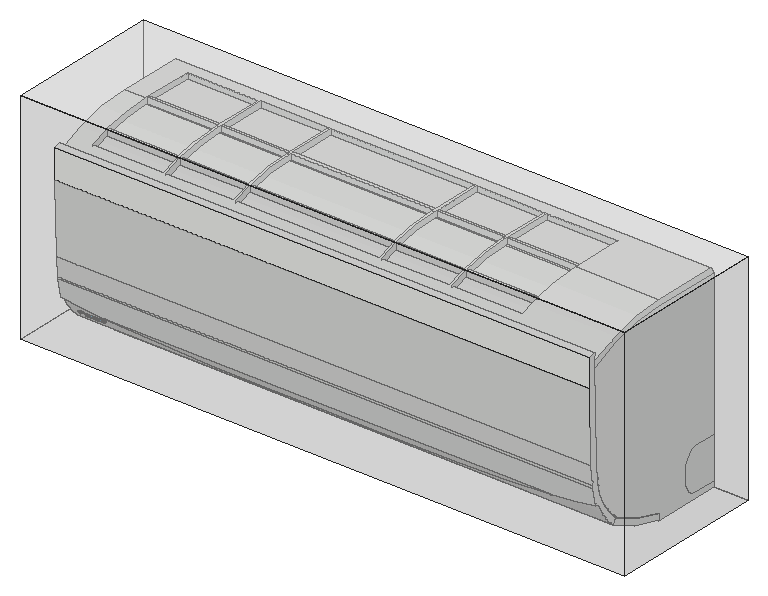
Revit family "outputfile", category 機械設備, Revit 2024
Family settings
  丸型コネクタ寸法 = 半径を使用
  パーツ タイプ = 標準
  OmniClass 番号 = 23.75.10.24.21.27.27
  OmniClass タイトル = Split System Air Conditioning Units
  作業面ベース = いいえ
  常に垂直 = はい
  ロード時にボイドで切り取り = いいえ
  注釈の向きを維持 = いいえ
  共有 = いいえ
  部屋計算ポイント = いいえ
Parameters (values of type "CTKC35RVMV")
  Description = ""
  書き出し IFC クラス(タイプ) = "IfcUnitaryEquipmentType"
  定義済み IFC タイプ(タイプ) = "AIRCONDITIONINGUNIT"
  Cost = 0
  Type Comments = ""
  Keynote = ""
  Type Image = (empty or 0)
  Assembly Code = ""
  w_wall hole = if(Width = 770.0 mm, 48.0 mm, 60.0 mm)  # 48.0 mm
  製造元 = "Daikin"
  モデル = "CTKC35RVMV"
  switch_frequency = yes
  r_Liquid Pipe Size = Liquid Pipe Size / 2  # 3.2 mm
  r_Gas Pipe Size = Gas Pipe Size / 2  # 4.75 mm
  r_Drain Pipe Size = Drain Pipe Size / 2  # 8.0 mm
  lw_powersupply [instance] = if(Width = 770.0 mm, if(or(Rear Right Connection_refrigerant, Bottom Right Connection_refrigerant), 25.0 mm, if(or(Rear Left Connection_refrigerant, Bottom Left Connection_refrigerant), 745.0 mm, 400.0 mm)), if(Width = 990.0 mm, if(or(Rear Right Connection_refrigerant, Bottom Right Connection_refrigerant), 40.0 mm, if(or(Rear Left Connection_refrigerant, Bottom Left Connection_refrigerant), 920.0 mm, 400.0 mm)), if(or(Rear Right Connection_refrigerant, Bottom Right Connection_refrigerant), 40.0 mm, if(or(Rear Left Connection_refrigerant, Bottom Left Connection_refrigerant), 920.0 mm, 400.0 mm))))  # 400.0 mm
  lw_liquidpipe [instance] = if(Width = 770.0 mm, if(or(Rear Right Connection_refrigerant, Bottom Right Connection_refrigerant), 0.0 mm, if(or(Rear Left Connection_refrigerant, Bottom Left Connection_refrigerant), 664.0 mm, 385.0 mm)), if(Width = 990.0 mm, if(or(Rear Right Connection_refrigerant, Bottom Right Connection_refrigerant), 0.0 mm, if(or(Rear Left Connection_refrigerant, Bottom Left Connection_refrigerant), 664.0 mm + (990.0 mm - 770.0 mm), 475.0 mm)), if(or(Rear Right Connection_refrigerant, Bottom Right Connection_refrigerant), 0.0 mm, if(or(Rear Left Connection_refrigerant, Bottom Left Connection_refrigerant), 664.0 mm + (990.0 mm - 770.0 mm), 475.0 mm))))  # 385.0 mm
  lw_gaspipe [instance] = if(Width = 770.0 mm, if(or(Rear Right Connection_refrigerant, Bottom Right Connection_refrigerant), 0.0 mm, if(or(Rear Left Connection_refrigerant, Bottom Left Connection_refrigerant), 675.0 mm, if(Gas Pipe Size = 12.7 mm, 345.0 mm, 335.0 mm))), if(Width = 990.0 mm, if(or(Rear Right Connection_refrigerant, Bottom Right Connection_refrigerant), 10.0 mm, if(or(Rear Left Connection_refrigerant, Bottom Left Connection_refrigerant), 890.0 mm, if(Gas Pipe Size = 15.9 mm, 410.0 mm, 400.0 mm))), if(or(Rear Right Connection_refrigerant, Bottom Right Connection_refrigerant), 10.0 mm, if(or(Rear Left Connection_refrigerant, Bottom Left Connection_refrigerant), 890.0 mm, if(Gas Pipe Size = 15.9 mm, 410.0 mm, 400.0 mm)))))  # 335.0 mm
  lw_drainpipe [instance] = if(Width = 770.0 mm, if(or(Rear Right Connection_refrigerant, Bottom Right Connection_refrigerant), 0.0 mm, if(or(Rear Left Connection_refrigerant, Bottom Left Connection_refrigerant), 770.0 mm - 48.0 mm - 48.0 mm, 440.0 mm)), if(Width = 990.0 mm, if(or(Rear Right Connection_refrigerant, Bottom Right Connection_refrigerant), 0.0 mm, if(or(Rear Left Connection_refrigerant, Bottom Left Connection_refrigerant), 675.0 mm + (990.0 mm - 770.0 mm), 435.0 mm)), if(or(Rear Right Connection_refrigerant, Bottom Right Connection_refrigerant), 0.0 mm, if(or(Rear Left Connection_refrigerant, Bottom Left Connection_refrigerant), 675.0 mm + (990.0 mm - 770.0 mm), 435.0 mm))))  # 440.0 mm
  l_powersupply_length [instance] = if(Width = 770.0 mm, if(Right Connection_refrigerant, 400.0 mm, if(Left Connection_refrigerant, 770.0 mm - 400.0 mm, if(or(Rear Left Connection_refrigerant, Rear Right Connection_refrigerant), 15.0 mm, 50.0 mm))), if(Width = 990.0 mm, if(Right Connection_refrigerant, 400.0 mm, if(Left Connection_refrigerant, 990.0 mm - 400.0 mm, if(or(Rear Left Connection_refrigerant, Rear Right Connection_refrigerant), 15.0 mm, 50.0 mm))), if(Right Connection_refrigerant, 400.0 mm, if(Left Connection_refrigerant, 990.0 mm - 400.0 mm, if(or(Rear Left Connection_refrigerant, Rear Right Connection_refrigerant), 15.0 mm, 50.0 mm)))))  # 400.0 mm
  l_liquidpipe_length [instance] = if(Width = 770.0 mm, if(Right Connection_refrigerant, 433.0 mm, if(Left Connection_refrigerant, 337.0 mm, if(or(Rear Left Connection_refrigerant, Rear Right Connection_refrigerant), 30.0 mm, 40.0 mm))), if(Width = 990.0 mm, if(Right Connection_refrigerant, 535.0 mm, if(Left Connection_refrigerant, 455.0 mm, if(or(Rear Left Connection_refrigerant, Rear Right Connection_refrigerant), 30.0 mm, 40.0 mm))), if(Right Connection_refrigerant, 535.0 mm, if(Left Connection_refrigerant, 455.0 mm, if(or(Rear Left Connection_refrigerant, Rear Right Connection_refrigerant), 30.0 mm, 40.0 mm)))))  # 433.0 mm
  l_gaspipe_length [instance] = if(Width = 770.0 mm, if(Right Connection_refrigerant, if(Gas Pipe Size = 12.7 mm, 393.0 mm, 383.0 mm), if(Left Connection_refrigerant, if(Gas Pipe Size = 12.7 mm, 770.0 mm - 393.0 mm, 770.0 mm - 383.0 mm), if(or(Rear Left Connection_refrigerant, Rear Right Connection_refrigerant), 40.0 mm, 50.0 mm))), if(Width = 990.0 mm, if(Right Connection_refrigerant, if(Gas Pipe Size = 15.9 mm, 470.0 mm, 460.0 mm), if(Left Connection_refrigerant, if(Gas Pipe Size = 15.9 mm, 990.0 mm - 470.0 mm, 990.0 mm - 460.0 mm), if(or(Rear Left Connection_refrigerant, Rear Right Connection_refrigerant), 40.0 mm, 50.0 mm))), if(Right Connection_refrigerant, if(Gas Pipe Size = 15.9 mm, 470.0 mm, 460.0 mm), if(Left Connection_refrigerant, if(Gas Pipe Size = 15.9 mm, 990.0 mm - 470.0 mm, 990.0 mm - 460.0 mm), if(or(Rear Left Connection_refrigerant, Rear Right Connection_refrigerant), 40.0 mm, 50.0 mm)))))  # 383.0 mm
  l_drainpipe_length [instance] = if(Width = 770.0 mm, if(Right Connection_refrigerant, 488.0 mm, if(Left Connection_refrigerant, 282.0 mm, if(or(Rear Left Connection_refrigerant, Rear Right Connection_refrigerant), 15.0 mm, 20.0 mm))), if(Width = 990.0 mm, if(Right Connection_refrigerant, 495.0 mm, if(Left Connection_refrigerant, 495.0 mm, if(or(Rear Left Connection_refrigerant, Rear Right Connection_refrigerant), 15.0 mm, 20.0 mm))), if(Right Connection_refrigerant, 495.0 mm, if(Left Connection_refrigerant, 495.0 mm, if(or(Rear Left Connection_refrigerant, Rear Right Connection_refrigerant), 15.0 mm, 20.0 mm)))))  # 488.0 mm
  h*** = 0.0 mm  # constant formula
  connector_voltage = Voltage_50Hz  # 230 V
  connector_powerinput = [Power Input (Cooling)]  # 0.000 kW
  connector_phase = Phase_50Hz  # 1
  angle_vertical [instance] = if(or(Bottom Left Connection_refrigerant, Bottom Right Connection_refrigerant), 0.00°, 90.00°)  # 90.00°
  angle_horizontal [instance] = if(Right Connection_refrigerant, 90.00°, if(Left Connection_refrigerant, -90.00°, if(or(Rear Left Connection_refrigerant, Rear Right Connection_refrigerant), 180.00°, 0.00°)))  # 90.00°
  Width = 770.0 mm
  Voltage_comment_50Hz = "220 - 240"
  Voltage_50Hz = 230 V
  Version = "ver.1.0"
  Unit Type = "Wall Mounted"
  Unit Mass Weight = 9.00 kg
  Unit Designation [instance] = ""
  Uniclass2015Version = "Products v1.30"
  Uniclass2015Title = "Split coil room air conditioning units"
  Uniclass2015Code = "Pr_70_65_03_86"
  URL = ""
  Total Cooling Capacity [instance] = 0.000 kW
  Sound Pressure Level_M speed (dBA) = 34
  Sound Pressure Level_L speed (dBA) = 26
  Sound Pressure Level_H speed (dBA) = 39
  Sound Power Level_H speed (dB) = 0
  Series = "Multi Split_Fan Coil Unit"
  Sensible Cooling Capacity [instance] = 0.000 kW
  Refrigerant Type = "R32"
  Power Input (Cooling) = 0.000 kW
  Phase_50Hz = 1
  Option Accessory 3 [instance] = ""
  Option Accessory 2 [instance] = ""
  Option Accessory 1 [instance] = ""
  Nominal Cooling Capacity = 3.500 kW
  Minimum Circuit Amps_50Hz = 0.0 A
  Minimum Airflow = 402.00 m³/h
  Median Airflow = 558.00 m³/h
  Maximum Fuse Amps_50Hz = 0.0 A
  Maximum Airflow = 690.00 m³/h
  Material_Casing = DAIKIN_White_Casing_indoorunit
  Load Classification = HVAC
  Liquid Pipe Size = 6.4 mm
  Link_Nested Family [instance] = ""
  IfcVersion = ""
  IfcExportType = "AIRCONDITIONINGUNIT"
  IfcExportAs = "IfcUnitaryEquipmentType"
  Height = 285.0 mm
  Heat Exchanger Type = "Cross Fin Coil"
  Gas Pipe Size = 9.5 mm
  Frequency_50Hz = 50 Hz
  Fan Type = "Cross Flow Fan"
  Fan Drive = "Direct Drive"
  FCU Tag No. [instance] = ""
  Drain Pipe Size = 16.0 mm
  Design Supply Airflow [instance] = 0.00 m³/h
  Depth = 223.0 mm
  既定の高さ = 0.0 mm
  Cooling Entering Wet Bulb Temperature [instance] = 0.00 °C
  Cooling Entering Dry Bulb Temperature [instance] = 0.00 °C
  Cooling Ambient Wet Bulb Temperature [instance] = 0.00 °C
  Cooling Ambient Dry Bulb Temperature [instance] = 0.00 °C
  Clearance visibility [instance] = yes
  Clearance Top = 30.0 mm
  Clearance Right = 50.0 mm
  Clearance Rear = 0.0 mm
  Clearance Left = 50.0 mm
  Clearance Front = 0.0 mm
  Clearance Bottom = 0.0 mm
  Bottom Right Connection_refrigerant [instance] = no
  Bottom Left Connection_refrigerant [instance] = no
  Rear Right Connection_refrigerant [instance] = no
  Rear Left Connection_refrigerant [instance] = no
  Right Connection_refrigerant [instance] = yes
  Left Connection_refrigerant [instance] = no
Reference planes
  plane 1 "Back": y = 0
  plane 2: z = 0
  plane 3 "Center (Left/Right)": x = 0
  plane 4 "Center (Front/Back)": y = -111.5
  plane 5 "Front": y = -223
  plane 6 "Left": x = -385
  plane 7 "Right": x = 385
  plane 8 "Top": z = 0
  plane 9 "Bottom": z = -285
  plane 10: x = -435
  plane 11: x = 435
  plane 12: y = 0
  plane 13: y = -223
  plane 14: z = 30
  plane 15: z = -285
  plane 16 "lw_Piping and Wiring intake": x = 337
  plane 17 "lw_gaspipe": x = 2
  plane 18 "lw_liquidpipe": x = -48
  plane 19 "lw_drainpipe": x = -103
  plane 20 "lh_drainpipe": z = -265
  plane 21 "lh_liquidpipe": z = -245
  plane 22 "lh_gaspipe": z = -235
  plane 23 "ld_drainpipe": y = -15
  plane 24 "ld_liquidpipe": y = -30
  plane 25 "ld_gaspipe": y = -40
  plane 26 "lw_powersupply": x = -15
Dimensions and locks
  equal spacing: plane 6 "Left", plane 3 "Center (Left/Right)", plane 7 "Right"
  "Width": plane 6 "Left" to plane 7 "Right"
  equal spacing: plane 5 "Front", plane 4 "Center (Front/Back)", plane 1 "Back"
  "Depth": plane 5 "Front" to plane 1 "Back"
  "Height": plane 8 "Top" to plane 9 "Bottom"
  "Clearance Rear": plane 12 to plane 1 "Back"
  "Clearance Front": plane 13 to plane 5 "Front"
  "Clearance Top": plane 14 to plane 8 "Top"
  "Clearance Bottom": plane 9 "Bottom" to plane 15
  "w_wall hole": plane 16 "lw_Piping and Wiring intake" to plane 7 "Right"
  "lw_gaspipe": plane 17 "lw_gaspipe" to plane 16 "lw_Piping and Wiring intake"
  "lw_liquidpipe": plane 18 "lw_liquidpipe" to plane 16 "lw_Piping and Wiring intake"
  "lw_drainpipe": plane 19 "lw_drainpipe" to plane 16 "lw_Piping and Wiring intake"
  locked: plane 20 "lh_drainpipe" to plane 9 "Bottom" at 20
  locked: plane 21 "lh_liquidpipe" to plane 9 "Bottom" at 40
  locked: plane 22 "lh_gaspipe" to plane 9 "Bottom" at 50
  locked: plane 23 "ld_drainpipe" to plane 1 "Back" at 15
  locked: plane 1 "Back" to plane 24 "ld_liquidpipe" at 30
  locked: plane 1 "Back" to plane 25 "ld_gaspipe" at 40
  "lw_powersupply": plane 26 "lw_powersupply" to plane 7 "Right"
  "Clearance Right": plane 7 "Right" to plane 11
  "Clearance Left": plane 10 to plane 6 "Left"
  aligned and locked: level to plane 2
  aligned and locked: plane 12 to nested 1
  aligned and locked: nested 1 to plane 13
  aligned and locked: plane 10 to nested 1
  aligned and locked: plane 11 to nested 1
  aligned and locked: plane 15 to nested 1
  aligned and locked: plane 14 to nested 1
  aligned and locked: plane 17 "lw_gaspipe" to nested 2
  aligned and locked: nested 2 to plane 25 "ld_gaspipe"
  aligned and locked: plane 18 "lw_liquidpipe" to nested 3
  aligned and locked: nested 3 to plane 24 "ld_liquidpipe"
  aligned and locked: plane 19 "lw_drainpipe" to nested 4
  aligned and locked: nested 4 to plane 23 "ld_drainpipe"
  aligned and locked: nested 5 to plane 23 "ld_drainpipe"
  aligned and locked: plane 26 "lw_powersupply" to nested 5
  aligned and locked: level to plane 8 "Top"
  aligned and locked: plane 3 "Center (Left/Right)" to nested 6
  aligned and locked: plane 1 "Back" to nested 6
  aligned and locked: plane 8 "Top" to nested 6
Nested families
  nested 1: "daikin_clearancespace" at (0, -111.5, -127.381), show <- "Clearance visibility", visible <- "Clearance visibility", Link_Nested Family <- "Link_Nested Family", type "daikin_clearancespace"
    with width 870.0 mm, show yes, height 315.0 mm, depth 223.0 mm, Link_Nested Family ""
  nested 2: "daikin_connector_rotate3" at (2, -40, -235), angle_vertical <- "angle_vertical", angle_horizontal <- "angle_horizontal", length <- "l_gaspipe_length", radius <- "r_Gas Pipe Size", type "daikin_connector_rotate3"
    with show no, radius 4.75 mm, length 383.0 mm, angle_vertical 90.00°, angle_horizontal 90.00°
  nested 3: "daikin_connector_rotate3" at (-48, -30, -245), angle_vertical <- "angle_vertical", angle_horizontal <- "angle_horizontal", radius <- "r_Liquid Pipe Size", length <- "l_liquidpipe_length", type "daikin_connector_rotate3"
    with show no, radius 3.2 mm, length 433.0 mm, angle_vertical 90.00°, angle_horizontal 90.00°
  nested 4: "daikin_connector_rotate3" at (-103, -15, -265), angle_vertical <- "angle_vertical", angle_horizontal <- "angle_horizontal", length <- "l_drainpipe_length", radius <- "r_Drain Pipe Size", type "daikin_connector_rotate3"
    with show no, radius 8.0 mm, length 488.0 mm, angle_vertical 90.00°, angle_horizontal 90.00°
  nested 5: "daikin_connector_rotate3" at (-15, -15, -235), angle_vertical <- "angle_vertical", angle_horizontal <- "angle_horizontal", length <- "l_powersupply_length", type "daikin_connector_rotate3"
    with show no, radius 10.0 mm, length 400.0 mm, angle_vertical 90.00°, angle_horizontal 90.00°
  nested 6: "DAIKIN_indoorunit_CTKC-RVMV" at (-31, 0, 0), type "CTKC-RVMV"
Connectors
  piping at (385, -40, -235), diameter 9.5, driven by "r_Gas Pipe Size"
    settings: on nested 2, index 1, connector inside diameter 609.6 mm, connector length 0.0 mm, flow factor 0, pipe flow 0.00 m³/h, pressure drop 0.0 Pa, fitting loss kfactor 0, connector angle 0.00°, fixture units 0, engagement length 0.0 mm, angle of deflection 0.00°, flow configuration 1, flow direction 2, fitting loss method 0, system type 29, joint type 0, gender type 0, connector reference index -1, connector utility 0, adjustable connector no, is connector primary yes, connector description "Refrigerant Gas Piping"
  piping at (385, -30, -245), diameter 6.4, driven by "r_Liquid Pipe Size"
    settings: on nested 3, index 2, connector inside diameter 609.6 mm, connector length 0.0 mm, flow factor 0, pipe flow 0.00 m³/h, pressure drop 0.0 Pa, fitting loss kfactor 0, connector angle 0.00°, fixture units 0, engagement length 0.0 mm, angle of deflection 0.00°, flow configuration 1, flow direction 1, fitting loss method 0, system type 29, joint type 0, gender type 0, connector reference index -1, connector utility 0, adjustable connector no, is connector primary no, connector description "Refrigerant Liquid Piping"
  piping at (385, -15, -265), diameter 16, driven by "r_Drain Pipe Size"
    settings: on nested 4, index 3, connector inside diameter 609.6 mm, connector length 0.0 mm, flow factor 0, pipe flow 0.00 m³/h, pressure drop 0.0 Pa, fitting loss kfactor 0, connector angle 0.00°, fixture units 0, engagement length 0.0 mm, angle of deflection 0.00°, flow configuration 1, flow direction 2, fitting loss method 4, system type 16, joint type 0, gender type 0, connector reference index -1, connector utility 0, adjustable connector no, is connector primary no, connector description "Condensate Drain Piping"
  electrical at (385, -15, -235), driven by "Load Classification", driven by "connector_phase", driven by "connector_voltage", driven by "connector_powerinput"
    settings: on nested 5, index 4, voltage 230 V, apparent load 0 VA, apparent load phase1 0 VA, apparent load phase2 0 VA, apparent load phase3 0 VA, power factor 1, load classification "HVAC", number of poles 1, system type 30, power factor state 1, is connector primary yes, connector utility no, sub classification motor no, connector description "Power Supply"
Definition of nested family "daikin_clearancespace"
  Parameters (values of type "daikin_clearancespace")
    Description = "daikin_clearancespace"
    width [instance] = 1823.963 mm
    show [instance] = yes
    material = none
    height [instance] = 1359.762 mm
    depth [instance] = 880.0 mm
    Default Elevation = 0.0 mm
    Link_Nested Family [instance] = ""
  Reference planes
    plane 1 "Center (Front/Back)": y = 0
    plane 2 "Center (Elevation)": z = -0.119
    plane 3 "Center (Left/Right)": x = 0
    plane 4: y = 440
    plane 5: y = -440
    plane 6 "Right": x = 911.982
    plane 7 "Left": x = -911.982
    plane 8 "Top": z = 679.762
    plane 9 "Bottom": z = -680
  Forms (mm)
    Extrusion 1, solid, material <- "material", visible <- "show"
      sketch origin (0, 0, 0) x (1, 0, 0) y (0, 1, 0)
        loop
          line (-911.982, 440) -> (-911.982, -440) -> (911.982, -440) -> (911.982, 440) -> (-911.982, 440)
      from -680 to 679.762
  Lines and regions (mm)
    symbolic lines, visible <- "show"
      curve 1: line (911.982, 440, 0) -> (-911.982, 440, 0)
      curve 2: line (-911.982, 440, 0) -> (-911.982, -440, 0)
      curve 3: line (-911.982, -440, 0) -> (911.982, -440, 0)
      curve 4: line (911.982, -440, 0) -> (911.982, 440, 0)
      curve 5: line (911.982, 0, 679.762) -> (-911.982, 0, 679.762)
      curve 6: line (911.982, 0, -680) -> (911.982, 0, 679.762)
      curve 7: line (-911.982, 0, -680) -> (911.982, 0, -680)
      curve 8: line (-911.982, 0, 679.762) -> (-911.982, 0, -680)
      curve 9: line (0, 440, 679.762) -> (0, -440, 679.762)
      curve 10: line (0, -440, 679.762) -> (0, -440, -680)
      curve 11: line (0, 440, -680) -> (0, 440, 679.762)
      curve 12: line (0, -440, -680) -> (0, 440, -680)
  Dimensions and locks
    "width": plane 7 "Left" to plane 6 "Right"
    "depth": plane 4 to plane 5
    "height": plane 8 "Top" to plane 9 "Bottom"
    equal spacing: plane 7 "Left", plane 3 "Center (Left/Right)", plane 6 "Right"
    equal spacing: plane 4, plane 1 "Center (Front/Back)", plane 5
    equal spacing: plane 8 "Top", plane 2 "Center (Elevation)", plane 9 "Bottom"
    aligned and locked: level to plane 2 "Center (Elevation)"
    aligned and locked: Extrusion 1 sketch curve to plane 4
    aligned and locked: plane 7 "Left" to Extrusion 1 sketch curve
    aligned and locked: Extrusion 1 sketch curve to plane 5
    aligned and locked: Extrusion 1 sketch curve to plane 6 "Right"
    aligned and locked: plane 8 "Top" to Extrusion 1
    aligned and locked: curve 1 to Extrusion 1
    aligned and locked: curve 2 to Extrusion 1
    aligned and locked: curve 3 to Extrusion 1
    aligned and locked: curve 4 to Extrusion 1
    aligned and locked: curve 5 to Extrusion 1
    aligned and locked: curve 6 to Extrusion 1
    aligned and locked: curve 7 to Extrusion 1
    aligned and locked: curve 8 to Extrusion 1
    aligned and locked: curve 9 to Extrusion 1
    aligned and locked: curve 10 to Extrusion 1
    aligned and locked: curve 11 to Extrusion 1
    aligned and locked: curve 12 to Extrusion 1
    aligned and locked: Extrusion 1 to plane 9 "Bottom"
Definition of nested family "DAIKIN_indoorunit_CTKC-RVMV"
  Parameters (values of type "FTKM-QVMA")
    Material_Casing = none
    Default Elevation = 0.0 mm
  Reference planes
    plane 1 "Center (Front/Back)": y = 0
    plane 2 "reference_level": z = 0
    plane 3 "Center (Left/Right)": x = 31
    plane 4: x = -354
    plane 5: x = 416
    plane 6: z = -285
  Forms (mm)
    Extrusion 1, solid, material <- "Material_Casing"
      sketch origin (29, 0, 0) x (0, 1, 0) y (0, 0, 1)
        loop
          line (-5, 0) -> (-98, 0)
          arc (-98, 0) -> (-157.611, -7.211) -> (-213.783, -28.427) r 250
          arc (-213.783, -28.427) -> (-213.842, -32.972) -> (-213.892, -37.516) r 2191
          arc (-213.892, -37.516) -> (-157.832, -15.495) -> (-98.07, -8) r 242
          line (-98.07, -8) -> (0, -8) -> (-5, 0)
      from -383 to 387
    Extrusion 2, solid, material <- "Material_Casing"
      sketch origin (416, 1296.25, 1200) x (0, 1, 0) y (0, 0, 1)
        loop
          line (-1472.998, -1446.91) -> (-1476.998, -1453.839)
          arc (-1476.998, -1453.839) -> (-1437.481, -1472.422) -> (-1395.25, -1483.538) r 240
          line (-1395.25, -1483.538) -> (-1395.25, -1475.422)
          arc (-1395.25, -1475.422) -> (-1435.407, -1464.663) -> (-1472.998, -1446.91) r 232
      from 0 to -47.5
    Extrusion 3, solid, material <- "Material_Casing"
      sketch origin (29, 0, 0) x (0, 1, 0) y (0, 0, 1)
        loop
          arc (-223, -60.455) -> (-222.414, -110.646) -> (-220.656, -160.81) r 2149.92
          arc (-220.656, -160.81) -> (-219.65, -174.299) -> (-217.853, -187.706) r 229.911
          arc (-217.853, -187.706) -> (-205.371, -223.594) -> (-181.517, -253.17) r 111
          line (-181.517, -253.17) -> (-177.429, -246.093)
          arc (-177.429, -246.093) -> (-198.77, -218.989) -> (-209.965, -186.36) r 103
          arc (-209.965, -186.36) -> (-211.681, -173.586) -> (-212.651, -160.735) r 221.844
          arc (-212.651, -160.735) -> (-214.739, -93.233) -> (-214.74, -25.699) r 2186.828
          arc (-214.74, -25.699) -> (-214.671, -21.467) -> (-214.594, -17.235) r 2192
          line (-214.594, -17.235) -> (-223, -19.961) -> (-223, -60.455)
      from -383 to 387
    Extrusion 4, solid, material <- "Material_Casing"
      sketch origin (29, 0, 0) x (0, 1, 0) y (0, 0, 1)
        loop
          line (-181.517, -253.17) -> (-179.597, -249.846)
          arc (-179.597, -249.846) -> (-202.009, -221.399) -> (-213.189, -186.952) r 103
          line (-213.189, -186.952) -> (-217.853, -187.706)
          arc (-217.853, -187.706) -> (-217.533, -189.556) -> (-217.182, -191.4) r 111
          arc (-217.182, -191.4) -> (-213.806, -208.181) -> (-210.362, -224.948) r 4257.809
          arc (-210.362, -224.948) -> (-198.886, -237.857) -> (-186.225, -249.607) r 180
          line (-186.225, -249.607) -> (-181.517, -253.17)
      from -383 to 387
    Extrusion 5, solid, material <- "Material_Casing"
      sketch origin (29, 0, -20) x (0, 1, 0) y (0, 0, 1)
        loop
          line (0, -265) -> (0, 12) -> (-98.07, 12)
          arc (-98.07, 12) -> (-157.832, 4.505) -> (-213.892, -17.516) r 242
          arc (-213.892, -17.516) -> (-213.638, -79.114) -> (-211.653, -140.681) r 2191
          arc (-211.653, -140.681) -> (-210.685, -153.501) -> (-208.973, -166.243) r 221
          arc (-208.973, -166.243) -> (-197.471, -199.282) -> (-175.482, -226.491) r 102
          arc (-175.482, -226.491) -> (-138.004, -244.019) -> (-98, -254.579) r 231
          line (-98, -254.579) -> (-98, -265) -> (0, -265)
      from -383 to 387
    Extrusion 6, solid, material <- "Material_Casing"
      sketch origin (-354, 1296.25, 1200) x (0, 1, 0) y (0, 0, 1)
        loop
          line (-1472.998, -1446.91) -> (-1476.998, -1453.839)
          arc (-1476.998, -1453.839) -> (-1437.481, -1472.422) -> (-1395.25, -1483.538) r 240
          line (-1395.25, -1483.538) -> (-1395.25, -1475.422)
          arc (-1395.25, -1475.422) -> (-1435.407, -1464.663) -> (-1472.998, -1446.91) r 232
      from 47 to 0
    Extrusion 7, solid, material <- "Material_Casing"
      sketch origin (416, 1296.25, 1200) x (0, 1, 0) y (0, 0, 1)
        loop
          line (-1472.998, -1446.91) -> (-1476.998, -1453.839)
          arc (-1476.998, -1453.839) -> (-1443.437, -1470.168) -> (-1407.75, -1481.097) r 240
          line (-1407.75, -1481.097) -> (-1407.75, -1472.894)
          arc (-1407.75, -1472.894) -> (-1441.363, -1462.385) -> (-1472.998, -1446.91) r 232
      from -116.993 to -48.493
    Extrusion 8, solid, material <- "Material_Casing"
      sketch origin (416, 1296.25, 1200) x (0, 1, 0) y (0, 0, 1)
        loop
          line (-1472.998, -1446.91) -> (-1476.998, -1453.839)
          arc (-1476.998, -1453.839) -> (-1443.437, -1470.168) -> (-1407.75, -1481.097) r 240
          line (-1407.75, -1481.097) -> (-1407.75, -1472.894)
          arc (-1407.75, -1472.894) -> (-1441.363, -1462.385) -> (-1472.998, -1446.91) r 232
      from -717 to -121.993
    Extrusion 9, void
      sketch origin (31, 0, -235) x (1, 0, 0) y (0, 1, 0)
        loop
          line (-252.674, -22.316) -> (-354.941, -22.316) -> (-354.941, -91.341) -> (-252.674, -91.341) -> (-252.674, -22.316)
        loop
          line (-249.341, -91.341) -> (-151.574, -91.341) -> (-151.574, -22.316) -> (-249.341, -22.316) -> (-249.341, -91.341)
        loop
          line (58.309, -22.316) -> (-148.309, -22.316) -> (-148.309, -91.341) -> (58.309, -91.341) -> (58.309, -22.316)
        loop
          line (61.689, -22.316) -> (61.689, -91.341) -> (159.457, -91.341) -> (159.457, -22.316) -> (61.689, -22.316)
        loop
          line (162.789, -22.316) -> (162.789, -91.341) -> (265.057, -91.341) -> (265.057, -22.316) -> (162.789, -22.316)
        loop
          line (-354.941, -94.659) -> (-354.941, -165.259) -> (-252.674, -165.259) -> (-252.674, -94.659) -> (-354.941, -94.659)
        loop
          line (-249.341, -94.659) -> (-249.341, -165.259) -> (-151.574, -165.259) -> (-151.574, -94.659) -> (-249.341, -94.659)
        loop
          line (-148.309, -94.659) -> (-148.309, -165.259) -> (58.309, -165.259) -> (58.309, -94.659) -> (-148.309, -94.659)
        loop
          line (61.689, -94.659) -> (61.689, -165.259) -> (159.457, -165.259) -> (159.457, -94.659) -> (61.689, -94.659)
        loop
          line (162.789, -94.659) -> (162.789, -165.259) -> (265.057, -165.259) -> (265.057, -94.659) -> (162.789, -94.659)
        loop
          line (-354.941, -167.382) -> (-354.941, -192.681) -> (-252.674, -192.681) -> (-252.674, -167.382) -> (-354.941, -167.382)
        loop
          line (-249.341, -167.382) -> (-249.341, -192.681) -> (-151.574, -192.681) -> (-151.574, -167.382) -> (-249.341, -167.382)
        loop
          line (-148.309, -167.382) -> (-148.309, -192.681) -> (58.309, -192.681) -> (58.309, -167.382) -> (-148.309, -167.382)
        loop
          line (159.457, -167.382) -> (61.689, -167.382) -> (61.689, -192.681) -> (159.457, -192.681) -> (159.457, -167.382)
        loop
          line (265.057, -167.382) -> (162.789, -167.382) -> (162.789, -192.681) -> (265.057, -192.681) -> (265.057, -167.382)
      from 201.638 to 250
    Extrusion 10, void
      sketch origin (31, 0, 0) x (1, 0, 0) y (0, 0, 1)
        loop
          arc (597, -174.907) -> (0.056, -245.263) -> (-597, -175.856) r 2585.042
          line (-597, -175.856) -> (-597, -352.872) -> (597, -352.872) -> (597, -174.907)
      from 173 to 315.3
    Extrusion 11, solid, material <- "Material_Casing"
      sketch origin (31, 0, 0) x (1, 0, 0) y (0, 0, 1)
        loop
          circle (337, -240.5) r 32.5
        loop
          circle (-337, -240.5) r 32.5
      from 0 to 5
    Extrusion 12, solid, material <- "Material_Casing"
      sketch origin (416, 1296.25, 1200) x (0, -1, 0) y (0, 0, 1)
        loop
          line (1326.25, -1417) -> (1296.25, -1417) -> (1296.25, -1477) -> (1326.25, -1477)
          arc (1326.25, -1477) -> (1340.393, -1471.142) -> (1346.25, -1457) r 20
          line (1346.25, -1457) -> (1346.25, -1437)
          arc (1346.25, -1437) -> (1340.393, -1422.858) -> (1326.25, -1417) r 20
      from 0 to 5
    Extrusion 13, solid, material <- "Material_Casing"
      sketch origin (-354, 1296.25, 1200) x (0, 1, 0) y (0, 0, 1)
        loop
          line (-1296.25, -1417) -> (-1326.25, -1417)
          arc (-1326.25, -1417) -> (-1340.393, -1422.858) -> (-1346.25, -1437) r 20
          line (-1346.25, -1437) -> (-1346.25, -1457)
          arc (-1346.25, -1457) -> (-1340.393, -1471.142) -> (-1326.25, -1477) r 20
          line (-1326.25, -1477) -> (-1296.25, -1477) -> (-1296.25, -1417)
      from 0 to 5
    Extrusion 14, solid, material <- "Material_Casing"
      sketch origin (31, 0, -285) x (-1, 0, 0) y (0, -1, 0)
        loop
          line (-314, 0) -> (-314, 30)
          arc (-314, 30) -> (-319.858, 44.142) -> (-334, 50) r 20
          line (-334, 50) -> (-354, 50)
          arc (-354, 50) -> (-368.142, 44.142) -> (-374, 30) r 20
          line (-374, 30) -> (-374, 0) -> (-314, 0)
        loop
          line (374, 0) -> (374, 30)
          arc (374, 30) -> (368.142, 44.142) -> (354, 50) r 20
          line (354, 50) -> (334, 50)
          arc (334, 50) -> (319.858, 44.142) -> (314, 30) r 20
          line (314, 30) -> (314, 0) -> (374, 0)
      from 0 to 5
  Cuts and joins
    Extrusion 9 cuts Extrusion 1
    Extrusion 10 cuts Extrusion 4
    joined: Extrusion 3, Extrusion 4
  Lines and regions (mm)
    reference lines
      curve 1: line (-523, -201.911, -229.404) -> (-523, -193.542, -239.977)
  Dimensions and locks
    locked: Extrusion 10 sketch curve to Extrusion 10 sketch curve at 1194
    Extrusion 10 sketch curve to Extrusion 10 sketch curve = 1194.0 mm
    locked: Extrusion 12 sketch curve to Extrusion 12 sketch curve at 60
    locked: Extrusion 12 sketch curve to Extrusion 12 sketch curve at 50
    locked: Extrusion 14 sketch curve to Extrusion 14 sketch curve at 60  (x2)
    locked: Extrusion 14 sketch curve to Extrusion 14 sketch curve at 50
    equal spacing: plane 5, plane 3 "Center (Left/Right)", plane 4
    plane 5 to plane 4 = 770.0 mm
    locked: Extrusion 11 sketch curve to plane 4 at 48
    plane 5 to Extrusion 11 sketch curve = 48.0 mm
    plane 2 "reference_level" to plane 6 = 285.0 mm
    locked: Extrusion 11 sketch curve to plane 6 at 44.5  (x2)
    locked: cut or joined group of Extrusion 3, Extrusion 4, Extrusion 10 to nested 1 at 15
    diameter of Extrusion 11 sketch curve = 65.0 mm  (x2)
    aligned and locked: level to plane 2 "reference_level"
    aligned and locked: nested 1 to curve 1
    aligned and locked: Extrusion 13 sketch curve to Extrusion 12  (x4)
    aligned and locked: Extrusion 14 sketch curve to Extrusion 14 sketch curve  (x2)
    aligned and locked: Extrusion 11 to plane 1 "Center (Front/Back)"
  Automatic sketch dimensions
    Extrusion 10 sketch curve to plane 3 "Center (Left/Right)" = 597.0 mm
    Extrusion 10 sketch curve to plane 3 "Center (Left/Right)" = 2.0 mm
    Extrusion 10 sketch curve to level = 352.872 mm
    Extrusion 10 sketch curve to level = 175.856 mm
    Extrusion 10 sketch curve to level = 174.907 mm
    curve 1 to level = 239.977 mm
    plane 1 "Center (Front/Back)" to curve 1 = 193.542 mm
    curve 1 to curve 1 = 10.573 mm
    curve 1 to curve 1 = 8.368 mm
    Extrusion 1 sketch curve to level = 0.0 mm
    Extrusion 1 sketch curve to plane 1 "Center (Front/Back)" = 0.0 mm
    plane 1 "Center (Front/Back)" to Extrusion 1 sketch curve = 5.0 mm
    plane 1 "Center (Front/Back)" to Extrusion 1 sketch curve = 98.0 mm
    Extrusion 1 sketch curve to Extrusion 1 sketch curve = 0.07 mm
    Extrusion 1 sketch curve to level = 59.292 mm
    Extrusion 1 sketch curve to plane 1 "Center (Front/Back)" = 1977.0 mm
    Extrusion 1 sketch curve to level = 250.0 mm
    Extrusion 1 sketch curve to Extrusion 1 sketch curve = 0.0 mm
    Extrusion 1 sketch curve to level = 8.0 mm
    Extrusion 1 sketch curve to level = 28.427 mm
    plane 1 "Center (Front/Back)" to Extrusion 2 sketch curve = 180.748 mm
    Extrusion 2 sketch curve to Extrusion 2 sketch curve = 4.0 mm
    Extrusion 2 sketch curve to Extrusion 2 sketch curve = 77.747 mm
    plane 1 "Center (Front/Back)" to Extrusion 2 sketch curve = 59.279 mm
    Extrusion 2 sketch curve to Extrusion 2 sketch curve = 0.0 mm
    Extrusion 2 sketch curve to level = 283.538 mm
    Extrusion 2 sketch curve to Extrusion 2 sketch curve = 8.116 mm
    Extrusion 2 sketch curve to Extrusion 2 sketch curve = 21.583 mm
    Extrusion 2 sketch curve to Extrusion 2 sketch curve = 6.929 mm
    Extrusion 3 sketch curve to level = 19.961 mm
    plane 1 "Center (Front/Back)" to Extrusion 3 sketch curve = 223.0 mm
    Extrusion 3 sketch curve to level = 17.235 mm
    Extrusion 3 sketch curve to Extrusion 3 sketch curve = 8.406 mm
    plane 1 "Center (Front/Back)" to Extrusion 3 sketch curve = 181.517 mm
    Extrusion 3 sketch curve to Extrusion 3 sketch curve = 4.087 mm
    Extrusion 3 sketch curve to Extrusion 3 sketch curve = 69.11 mm
    Extrusion 3 sketch curve to Extrusion 3 sketch curve = 0.001 mm
    Extrusion 3 sketch curve to plane 1 "Center (Front/Back)" = 8.955 mm
    Extrusion 3 sketch curve to Extrusion 3 sketch curve = 0.067 mm
    Extrusion 3 sketch curve to level = 60.455 mm
    Extrusion 3 sketch curve to Extrusion 3 sketch curve = 1917.898 mm
    Extrusion 3 sketch curve to Extrusion 3 sketch curve = 44.907 mm
    Extrusion 3 sketch curve to Extrusion 3 sketch curve = 5.172 mm
    Extrusion 3 sketch curve to level = 150.456 mm
    Extrusion 3 sketch curve to Extrusion 3 sketch curve = 0.006 mm
    Extrusion 3 sketch curve to Extrusion 3 sketch curve = 19.265 mm
    Extrusion 3 sketch curve to Extrusion 3 sketch curve = 0.004 mm
    Extrusion 3 sketch curve to Extrusion 3 sketch curve = 76.368 mm
    Extrusion 3 sketch curve to Extrusion 3 sketch curve = 7.077 mm
    Extrusion 3 sketch curve to Extrusion 3 sketch curve = 1.002 mm
    Extrusion 3 sketch curve to Extrusion 3 sketch curve = 0.046 mm
    Extrusion 3 sketch curve to Extrusion 3 sketch curve = 8.005 mm
    Extrusion 3 sketch curve to Extrusion 3 sketch curve = 0.147 mm
    Extrusion 3 sketch curve to Extrusion 3 sketch curve = 0.0 mm
    plane 1 "Center (Front/Back)" to Extrusion 4 sketch curve = 217.853 mm
    Extrusion 4 sketch curve to Extrusion 4 sketch curve = 4.664 mm
    Extrusion 4 sketch curve to Extrusion 4 sketch curve = 26.964 mm
    Extrusion 4 sketch curve to Extrusion 4 sketch curve = 4.708 mm
    Extrusion 4 sketch curve to Extrusion 4 sketch curve = 1.92 mm
    Extrusion 4 sketch curve to Extrusion 4 sketch curve = 68.441 mm
    Extrusion 4 sketch curve to Extrusion 4 sketch curve = 2.837 mm
    Extrusion 4 sketch curve to Extrusion 4 sketch curve = 38.066 mm
    level to Extrusion 4 sketch curve = 640.031 mm
    Extrusion 4 sketch curve to plane 1 "Center (Front/Back)" = 3958.661 mm
    Extrusion 4 sketch curve to level = 111.946 mm
    Extrusion 4 sketch curve to Extrusion 4 sketch curve = 57.779 mm
    Extrusion 4 sketch curve to Extrusion 4 sketch curve = 3.149 mm
    Extrusion 4 sketch curve to Extrusion 4 sketch curve = 14.078 mm
    Extrusion 4 sketch curve to Extrusion 4 sketch curve = 0.754 mm
    Extrusion 4 sketch curve to Extrusion 4 sketch curve = 0.239 mm
    Extrusion 4 sketch curve to Extrusion 4 sketch curve = 3.324 mm
    Extrusion 4 sketch curve to Extrusion 4 sketch curve = 0.0 mm
    Extrusion 5 sketch curve to plane 1 "Center (Front/Back)" = 0.0 mm
    plane 1 "Center (Front/Back)" to Extrusion 5 sketch curve = 59.278 mm
    Extrusion 5 sketch curve to Extrusion 5 sketch curve = 98.0 mm
    Extrusion 5 sketch curve to Extrusion 5 sketch curve = 0.0 mm  (x3)
    Extrusion 5 sketch curve to level = 8.0 mm
    Extrusion 5 sketch curve to Extrusion 5 sketch curve = 38.791 mm
    Extrusion 5 sketch curve to Extrusion 5 sketch curve = 10.249 mm
    Extrusion 5 sketch curve to plane 1 "Center (Front/Back)" = 9.11 mm
    Extrusion 5 sketch curve to level = 59.292 mm
    Extrusion 5 sketch curve to Extrusion 5 sketch curve = 1967.89 mm
    Extrusion 5 sketch curve to Extrusion 5 sketch curve = 142.454 mm
    Extrusion 5 sketch curve to Extrusion 5 sketch curve = 19.271 mm
    Extrusion 5 sketch curve to Extrusion 5 sketch curve = 80.275 mm
    Extrusion 5 sketch curve to Extrusion 5 sketch curve = 24.579 mm
    Extrusion 5 sketch curve to Extrusion 5 sketch curve = 10.421 mm
    Extrusion 5 sketch curve to level = 46.847 mm
    Extrusion 5 sketch curve to Extrusion 5 sketch curve = 77.412 mm
    Extrusion 5 sketch curve to Extrusion 5 sketch curve = 33.49 mm
    Extrusion 5 sketch curve to Extrusion 5 sketch curve = 2.68 mm
    plane 1 "Center (Front/Back)" to Extrusion 6 sketch curve = 180.748 mm
    Extrusion 6 sketch curve to Extrusion 6 sketch curve = 4.0 mm
    Extrusion 6 sketch curve to Extrusion 6 sketch curve = 77.747 mm
    plane 1 "Center (Front/Back)" to Extrusion 6 sketch curve = 59.279 mm
    Extrusion 6 sketch curve to Extrusion 6 sketch curve = 0.0 mm
    Extrusion 6 sketch curve to level = 283.538 mm
    Extrusion 6 sketch curve to Extrusion 6 sketch curve = 8.116 mm
    Extrusion 6 sketch curve to Extrusion 6 sketch curve = 21.583 mm
    Extrusion 6 sketch curve to Extrusion 6 sketch curve = 6.929 mm
    plane 1 "Center (Front/Back)" to Extrusion 7 sketch curve = 180.748 mm
    Extrusion 7 sketch curve to Extrusion 7 sketch curve = 4.0 mm
    Extrusion 7 sketch curve to Extrusion 7 sketch curve = 65.247 mm
    plane 1 "Center (Front/Back)" to Extrusion 7 sketch curve = 59.279 mm
    Extrusion 7 sketch curve to Extrusion 7 sketch curve = 0.0 mm
    Extrusion 7 sketch curve to level = 281.097 mm
    Extrusion 7 sketch curve to Extrusion 7 sketch curve = 8.203 mm
    Extrusion 7 sketch curve to Extrusion 7 sketch curve = 19.055 mm
    Extrusion 7 sketch curve to Extrusion 7 sketch curve = 6.929 mm
    plane 1 "Center (Front/Back)" to Extrusion 8 sketch curve = 180.748 mm
    Extrusion 8 sketch curve to Extrusion 8 sketch curve = 4.0 mm
    Extrusion 8 sketch curve to Extrusion 8 sketch curve = 65.247 mm
    plane 1 "Center (Front/Back)" to Extrusion 8 sketch curve = 59.279 mm
    Extrusion 8 sketch curve to Extrusion 8 sketch curve = 0.0 mm
    Extrusion 8 sketch curve to level = 281.097 mm
    Extrusion 8 sketch curve to Extrusion 8 sketch curve = 8.203 mm
    Extrusion 8 sketch curve to Extrusion 8 sketch curve = 19.055 mm
    Extrusion 8 sketch curve to Extrusion 8 sketch curve = 6.929 mm
    plane 1 "Center (Front/Back)" to Extrusion 9 sketch curve = 165.259 mm  (x2)
    Extrusion 9 sketch curve to plane 3 "Center (Left/Right)" = 354.941 mm
    plane 1 "Center (Front/Back)" to Extrusion 9 sketch curve = 22.316 mm  (x3)
    Extrusion 9 sketch curve to Extrusion 9 sketch curve = 0.0 mm  (x26)
    Extrusion 9 sketch curve to Extrusion 9 sketch curve = 102.268 mm  (x2)
    Extrusion 9 sketch curve to Extrusion 9 sketch curve = 3.332 mm  (x4)
    Extrusion 9 sketch curve to Extrusion 9 sketch curve = 97.768 mm  (x2)
    Extrusion 9 sketch curve to Extrusion 9 sketch curve = 3.264 mm  (x3)
    plane 3 "Center (Left/Right)" to Extrusion 9 sketch curve = 58.309 mm
    Extrusion 9 sketch curve to Extrusion 9 sketch curve = 3.38 mm  (x3)
    Extrusion 9 sketch curve to Extrusion 9 sketch curve = 2.124 mm  (x6)
    Extrusion 9 sketch curve to Extrusion 9 sketch curve = 25.299 mm  (x2)
    Extrusion 9 sketch curve to Extrusion 9 sketch curve = 70.6 mm
    Extrusion 9 sketch curve to Extrusion 9 sketch curve = 3.317 mm  (x4)
    Extrusion 12 sketch curve to plane 1 "Center (Front/Back)" = 0.0 mm
    Extrusion 12 sketch curve to Extrusion 12 sketch curve = 20.0 mm  (x2)
    Extrusion 12 sketch curve to level = 277.0 mm
    plane 1 "Center (Front/Back)" to Extrusion 14 sketch curve = 0.0 mm
    plane 3 "Center (Left/Right)" to Extrusion 14 sketch curve = 374.0 mm
    Extrusion 14 sketch curve to Extrusion 14 sketch curve = 20.0 mm  (x3)
    plane 1 "Center (Front/Back)" to Extrusion 14 sketch curve = 30.0 mm
    Extrusion 14 sketch curve to plane 3 "Center (Left/Right)" = 314.0 mm
  Nested families
    nested 1: "daikin_logo_plane_w40" at (-320, -198.871, -233.244) x (1, 0, 0) z (0, -0.7841, -0.6206), type "daikin_logo_plane_w40"
      with show_logo yes
  Definition of nested family "daikin_logo_plane_w40"
    Parameters (values of type "daikin_logo_plane_w40")
      width = 40.0 mm
      show_logo [instance] = yes
      material = none
      height = 0.0 mm
      depth = 0.0 mm
      Default Elevation = 1219.2 mm
    Reference planes
      plane 1 "Center (Front/Back)": y = 0
      plane 2: z = 0
      plane 3 "Center (Left/Right)": x = 0
      plane 4: z = 2
      plane 5 "left": x = -19
      plane 6: x = 19
    Forms (mm)
      Extrusion 1, solid, visible <- "show_logo"
        sketch origin (-19, 0, 0) x (1, 0, 0) y (0, 1, 0)
          loop
            line (8.902, -1.878) -> (7.789, -6.332) -> (11.13, -6.332)
            arc (11.13, -6.332) -> (12.454, -6.064) -> (13.472, -5.176) r 2.642
            arc (13.472, -5.176) -> (13.92, -4.02) -> (13.767, -2.79) r 2.537
            arc (13.767, -2.79) -> (13.452, -2.342) -> (12.982, -2.06) r 1.321
            arc (12.982, -2.06) -> (12.063, -1.902) -> (11.13, -1.878) r 6.479
            line (11.13, -1.878) -> (8.902, -1.878)
          loop
            line (10.016, -5.441) -> (10.907, -5.441)
            arc (10.907, -5.441) -> (11.591, -4.983) -> (11.988, -4.261) r 1.742
            spline (11.988, -4.261) -> (12.01, -4.155) -> (12.027, -4.03) -> (12.037, -3.893) -> (12.037, -3.747) -> (12.026, -3.598) -> (12.002, -3.451) -> (11.962, -3.31) -> (11.905, -3.181) -> (11.829, -3.069) -> (11.731, -2.978) -> (11.61, -2.913) -> (11.464, -2.88)
            line (11.464, -2.88) -> (10.573, -2.88) -> (10.016, -5.441)
          loop
            line (13.58, -6.332) -> (14.805, -6.332) -> (15.223, -5.553) -> (16.977, -5.553) -> (17.144, -6.332) -> (19.149, -6.332) -> (18.258, -1.878) -> (16.03, -1.878) -> (13.58, -6.332)
          loop
            line (16.476, -3.214) -> (15.76, -4.551) -> (16.762, -4.551) -> (16.476, -3.214)
          loop
            line (19.705, -6.332) -> (21.599, -6.332) -> (22.712, -1.878) -> (20.819, -1.878) -> (19.705, -6.332)
          loop
            line (22.712, -6.332) -> (24.606, -6.332) -> (24.908, -5.122) -> (25.831, -6.332) -> (28.17, -6.332) -> (26.388, -3.994) -> (28.949, -1.878) -> (26.945, -1.878) -> (25.401, -3.153) -> (25.719, -1.878) -> (23.826, -1.878) -> (22.712, -6.332)
          loop
            line (29.84, -1.878) -> (28.615, -6.332) -> (30.62, -6.332) -> (31.734, -1.878) -> (29.84, -1.878)
          loop
            line (31.734, -6.332) -> (33.07, -6.332) -> (33.7, -3.814) -> (34.518, -6.332) -> (36.745, -6.332) -> (37.859, -1.878) -> (36.523, -1.878) -> (35.845, -4.589) -> (34.963, -1.878) -> (32.847, -1.878) -> (31.734, -6.332)
        from 0 to 2
      Extrusion 2, solid, visible <- "show_logo"
        sketch origin (-19, 0, 0) x (1, 0, 0) y (0, 1, 0)
          loop
            line (8.7, 0) -> (4.235, 0) -> (0, -3.879) -> (0, -8) -> (8.7, 0)
        from 0 to 2
      Extrusion 3, solid, visible <- "show_logo"
        sketch origin (-19, 0, 0) x (1, 0, 0) y (0, 1, 0)
          loop
            line (0, 0) -> (0, -3.879) -> (4.235, 0) -> (0, 0)
        from 0 to 2
    Dimensions and locks
      plane 4 to plane 2 = 2.0 mm
      equal spacing: plane 5 "left", plane 3 "Center (Left/Right)", plane 6
      locked: plane 5 "left" to plane 6 at 38
      aligned and locked: level to plane 2
      aligned and locked: Extrusion 3 to plane 1 "Center (Front/Back)"  (x2)
      aligned and locked: Extrusion 2 to plane 1 "Center (Front/Back)"  (x2)
      aligned and locked: plane 4 to Extrusion 1
      aligned and locked: plane 4 to Extrusion 3
      aligned and locked: plane 4 to Extrusion 2
      aligned and locked: Extrusion 3 to plane 5 "left"
      aligned and locked: Extrusion 2 to plane 5 "left"
    Automatic sketch dimensions
      Extrusion 1 sketch curve to Extrusion 1 sketch curve = 0.901 mm
      Extrusion 1 sketch curve to Extrusion 1 sketch curve = 1.559 mm
      Extrusion 1 sketch curve to Extrusion 1 sketch curve = 1.327 mm
      Extrusion 1 sketch curve to Extrusion 1 sketch curve = 2.145 mm
      Extrusion 1 sketch curve to Extrusion 1 sketch curve = 1.448 mm
      Extrusion 1 sketch curve to Extrusion 1 sketch curve = 2.116 mm
      Extrusion 1 sketch curve to Extrusion 1 sketch curve = 1.114 mm  (x4)
      Extrusion 1 sketch curve to Extrusion 1 sketch curve = 1.336 mm  (x2)
      plane 1 "Center (Front/Back)" to Extrusion 1 sketch curve = 1.878 mm  (x5)
      Extrusion 1 sketch curve to Extrusion 1 sketch curve = 1.893 mm  (x5)
      Extrusion 1 sketch curve to Extrusion 1 sketch curve = 0.891 mm  (x4)
      Extrusion 1 sketch curve to Extrusion 1 sketch curve = 2.005 mm  (x3)
      Extrusion 1 sketch curve to Extrusion 1 sketch curve = 0.445 mm  (x2)
      plane 1 "Center (Front/Back)" to Extrusion 1 sketch curve = 3.994 mm
      Extrusion 1 sketch curve to Extrusion 1 sketch curve = 0.557 mm  (x2)
      Extrusion 1 sketch curve to Extrusion 1 sketch curve = 2.339 mm  (x2)
      Extrusion 1 sketch curve to Extrusion 1 sketch curve = 1.225 mm  (x3)
      plane 1 "Center (Front/Back)" to Extrusion 1 sketch curve = 3.153 mm
      Extrusion 1 sketch curve to Extrusion 1 sketch curve = 0.987 mm
      plane 1 "Center (Front/Back)" to Extrusion 1 sketch curve = 5.122 mm
      Extrusion 1 sketch curve to Extrusion 1 sketch curve = 0.922 mm
      plane 1 "Center (Front/Back)" to Extrusion 1 sketch curve = 6.332 mm
      Extrusion 1 sketch curve to Extrusion 1 sketch curve = 2.562 mm
      plane 1 "Center (Front/Back)" to Extrusion 1 sketch curve = 5.553 mm
      Extrusion 1 sketch curve to Extrusion 1 sketch curve = 0.167 mm
      Extrusion 1 sketch curve to Extrusion 1 sketch curve = 0.215 mm
      plane 1 "Center (Front/Back)" to Extrusion 1 sketch curve = 3.214 mm
      Extrusion 1 sketch curve to Extrusion 1 sketch curve = 0.286 mm
      plane 1 "Center (Front/Back)" to Extrusion 1 sketch curve = 4.551 mm
      Extrusion 1 sketch curve to Extrusion 1 sketch curve = 1.002 mm
      Extrusion 1 sketch curve to Extrusion 1 sketch curve = 0.537 mm
      Extrusion 1 sketch curve to Extrusion 1 sketch curve = 0.418 mm
      Extrusion 1 sketch curve to Extrusion 1 sketch curve = 1.028 mm
      plane 1 "Center (Front/Back)" to Extrusion 1 sketch curve = 4.261 mm
      Extrusion 1 sketch curve to Extrusion 1 sketch curve = 0.563 mm
      plane 1 "Center (Front/Back)" to Extrusion 1 sketch curve = 2.88 mm
      Extrusion 1 sketch curve to Extrusion 1 sketch curve = 1.088 mm
      Extrusion 1 sketch curve to Extrusion 1 sketch curve = 2.152 mm
      Extrusion 1 sketch curve to Extrusion 1 sketch curve = 0.586 mm
      Extrusion 1 sketch curve to Extrusion 1 sketch curve = 0.118 mm
      Extrusion 1 sketch curve to Extrusion 1 sketch curve = 0.298 mm
      Extrusion 1 sketch curve to Extrusion 1 sketch curve = 0.334 mm
      Extrusion 1 sketch curve to Extrusion 1 sketch curve = 0.223 mm
      Extrusion 1 sketch curve to Extrusion 1 sketch curve = 0.266 mm
      Extrusion 1 sketch curve to Extrusion 1 sketch curve = 1.671 mm
      Extrusion 1 sketch curve to Extrusion 1 sketch curve = 2.227 mm
      Extrusion 1 sketch curve to Extrusion 1 sketch curve = 0.0 mm  (x7)
      Extrusion 1 sketch curve to Extrusion 1 sketch curve = 3.453 mm
      Extrusion 1 sketch curve to Extrusion 1 sketch curve = 2.017 mm
      Extrusion 1 sketch curve to Extrusion 1 sketch curve = 0.78 mm  (x2)
      Extrusion 1 sketch curve to Extrusion 1 sketch curve = 1.743 mm
      Extrusion 1 sketch curve to Extrusion 1 sketch curve = 0.775 mm
      Extrusion 1 sketch curve to Extrusion 1 sketch curve = 0.552 mm
      Extrusion 1 sketch curve to Extrusion 1 sketch curve = 0.014 mm
      Extrusion 1 sketch curve to Extrusion 1 sketch curve = 0.952 mm
      Extrusion 1 sketch curve to Extrusion 1 sketch curve = 1.215 mm
      Extrusion 1 sketch curve to Extrusion 1 sketch curve = 0.108 mm
      plane 1 "Center (Front/Back)" to Extrusion 2 sketch curve = 0.0 mm
      Extrusion 2 sketch curve to plane 3 "Center (Left/Right)" = 19.0 mm
      Extrusion 2 sketch curve to plane 3 "Center (Left/Right)" = 14.765 mm
      Extrusion 2 sketch curve to Extrusion 2 sketch curve = 4.465 mm
      plane 1 "Center (Front/Back)" to Extrusion 2 sketch curve = 3.879 mm
      Extrusion 2 sketch curve to Extrusion 2 sketch curve = 4.12 mm
      plane 1 "Center (Front/Back)" to Extrusion 3 sketch curve = 0.0 mm
      Extrusion 3 sketch curve to plane 3 "Center (Left/Right)" = 19.0 mm
      Extrusion 3 sketch curve to plane 3 "Center (Left/Right)" = 14.765 mm
      plane 1 "Center (Front/Back)" to Extrusion 3 sketch curve = 3.879 mm
      Extrusion 1 sketch curve to plane 3 "Center (Left/Right)" = 11.211 mm
      Extrusion 1 sketch curve to Extrusion 1 sketch curve = 1.782 mm
Definition of nested family "daikin_connector_rotate3"
  Parameters (values of type "daikin_connector_rotate3")
    show [instance] = yes
    radius [instance] = 10.0 mm
    length [instance] = 600.0 mm
    angle_horizontal [instance] = 60.00°
    angle_vertical [instance] = 90.00°
    Default Elevation = 1219.2 mm
  Reference planes
    plane 1 "Center (Front/Back)": y = 0
    plane 2: z = 0
    plane 3 "Center (Left/Right)": x = 0
  Dimensions and locks
    "angle_horizontal": angle plane 3 "Center (Left/Right)" to nested 1
    aligned and locked: level to plane 2
    aligned and locked: plane 1 "Center (Front/Back)" to nested 1  (x2)
    aligned and locked: plane 3 "Center (Left/Right)" to nested 1
  Nested families
    nested 1: "daikin_connector_rotate2" at (0, 0, 0) x (0.5, 0.866, 0) z (0, 0, 1), angle_vertical <- "angle_vertical", length <- "length", radius <- "radius", type "daikin_connector_rotate2"
      with radius 10.0 mm, length 600.0 mm, angle_vertical 90.00°
  Definition of nested family "daikin_connector_rotate2"
    Parameters (values of type "daikin_connector_rotate2")
      show_face = yes
      radius [instance] = 10.0 mm
      length [instance] = 600.0 mm
      d_surface = 10.0 mm
      angle_vertical [instance] = 90.00°
      Default Elevation = 0.0 mm
    Reference planes
      plane 1 "Center (Front/Back)": y = 0
      plane 2: z = 0
      plane 3 "Center (Left/Right)": x = 0
    Forms (mm)
      Extrusion 1, solid, visible <- "show_face"
        sketch origin (0, -600, 0) x (1, 0, 0) y (0, 0, 1)
          loop
            circle (0, 0) r 10
        from 0 to -10
    Lines and regions (mm)
      reference lines
        curve 1: line (0, 0, 0) -> (0, -600, 0)
      symbolic lines
        curve 2: circle (0, 0, 0) r 5 normal (0, 0, 1)
      model lines, visible <- "show_face"
        curve 3: line (0, 0, 0) -> (0, -600, 0)
    Dimensions and locks
      "length": curve 1 to curve 1
      "length": curve 3 to curve 3
      "d_surface": Extrusion 1 to Extrusion 1
      "radius": radius of Extrusion 1 sketch curve
      "angle_vertical": angle curve 1 to plane 1 "Center (Front/Back)"
      "angle_vertical": angle curve 3 to plane 1 "Center (Front/Back)"
      aligned and locked: level to plane 2
      aligned and locked: plane 1 "Center (Front/Back)" to curve 1
      aligned and locked: plane 2 to curve 1
      aligned and locked: plane 1 "Center (Front/Back)" to curve 2
      aligned and locked: plane 3 "Center (Left/Right)" to curve 2
      aligned and locked: plane 1 "Center (Front/Back)" to curve 3
      aligned and locked: plane 2 to curve 3
      aligned and locked: Extrusion 1 to Extrusion 1
    Automatic sketch dimensions
      Extrusion 1 sketch curve to level = 0.0 mm
      Extrusion 1 sketch curve to plane 3 "Center (Left/Right)" = 0.0 mm
      radius of curve 2 = 5.0 mm
